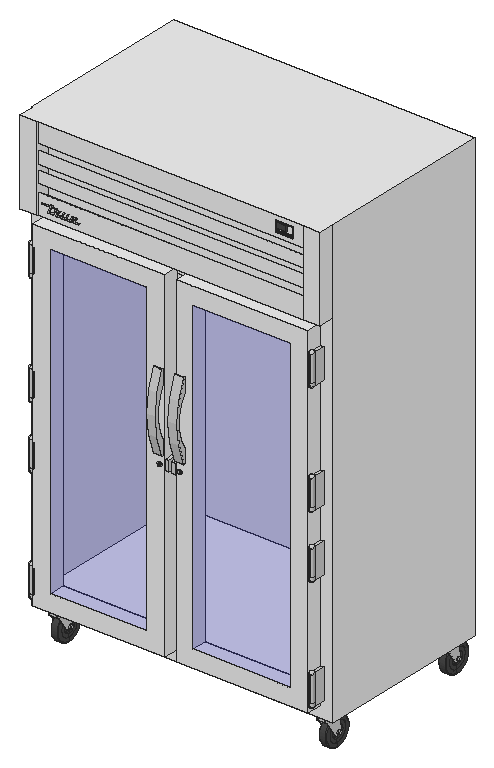
Revit family
Parameters
  Weight in Pounds = 0
  Watts = 3000 W
  Volts = 208 V
  URL Cutsheet = "www.truemfg.com"
  URL = "www.truemfg.com"
  Type Mark [instance] = ""
  Type Comments = ""
  Status [instance] = ""
  Specification by User [instance] = ""
  Specification by Manufacturer = ""
  Show Seismic Flanged [instance] = no
  Show Logo [instance] = yes
  Show Legs [instance] = no
  Show Clearance [instance] = yes
  Serial Number = ""
  Seismic Rating = ""
  Seismic Plate [instance] = and(Show Seismic Flanged, not(Show Casters))  # no
  SMACNA No = ""
  Revision Code [instance] = ""
  Phase = 1
  Omniclass Number and Title = ""
  Number of Poles [instance] = 1
  NAFEM Spec ID Number = ""
  Model = "STA2H-2G"
  Min Ckt Ampacity = 0 A
  Max Overcurrent Protection = 0 A
  Masterspec = ""
  Manufacturer = "TRUE FOOD SERVICE EQUIPMENT, INC."
  Length = 52 5/8"
  Legs [instance] = or(Show Legs, Show Seismic Flanged)  # no
  Item Number [instance] = ""
  Installed By [instance] = ""
  Identify Quantity as Lot [instance] = yes
  Height = 77 3/4"
  HP = ""
  Furnished By [instance] = ""
  Foodservice Equipment Identifier [instance] = yes
  FL Amps = Watts / Volts  # 14.4231 A
  Electrical Remarks [instance] = ""
  Electric Connection Type [instance] = ""
  Elec Conn RI Height [instance] = 0"
  Elec Conn Connection Height [instance] = 0"
  Description = "Reach-in Glass Swing Door Heated Cabinet"
  Depth = 33 3/4"
  Cycle = 60 Hz
  Conn Plug = "6-15P"
  Conn Conduit = yes
  Show Casters [instance] = and(not(if(Show Legs, Show Legs, Show Legs)), not(if(Show Legs, Show Legs, Show Seismic Flanged)))  # yes
  CSI MasterFormat = ""
  CSI Master Format = ""
  Apparent Power = if(Phase = 3, Volts * FL Amps * 1.73, Volts * FL Amps)  # 3000 VA
Reference planes (in)
  plane 1 "BACK": y = 0
  plane 2: z = 0
  plane 3 "LEFT": x = 0
  plane 4 "RIGHT": x = 52.625
  plane 5 "FRONT": y = -33.75
  plane 6 "TOP": z = 84.125
  plane 7: z = 6.125
  plane 8: x = 26.3125
  plane 9: x = 3
  plane 10: x = 49.9375
  plane 11: y = -33.7042
  plane 12: x = 26.3125
Forms (in)
  Extrusion 1, solid, material "QF_Finishes_Chrome - Satin"
    sketch origin (0.05, 0, 0) x (1, 0, 0) y (0, 1, 0)
      loop
        line (-0.05, 0) -> (-0.05, -31) -> (2.35625, -31) -> (2.35625, 0) -> (-0.05, 0)
    from 6.125 to 84.125
  Extrusion 2, solid, material "QF_Finishes_Chrome - Satin"
    sketch origin (49.99375, 0, 0) x (1, 0, 0) y (0, 1, 0)
      loop
        line (0.225, 0) -> (0.225, -31) -> (2.63125, -31) -> (2.63125, 0) -> (0.225, 0)
    from 6.125 to 84.125
  Extrusion 3, solid, material "QF_Finishes_Chrome - Satin"
    sketch origin (0, 0, 0) x (0, 1, 0) y (0, 0, 1)
      loop
        line (-33.7042, 69.5) -> (-31, 69.5) -> (-31, 66.96875) -> (-2, 66.96875) -> (-2, 9.98627) -> (-31, 9.98627) -> (-31, 6.125) -> (0, 6.125) -> (0, 84.125) -> (-33.7042, 84.125) -> (-33.7042, 80.78078) -> (-31.5, 79.21352) -> (-31.5, 78.09125) -> (-33.7042, 79.65851) -> (-33.7042, 77.5248) -> (-31.5, 75.95754) -> (-31.5, 74.99678) -> (-33.7042, 76.56404) -> (-33.7042, 74.46784) -> (-31.5, 72.90057) -> (-31.5, 71.625) -> (-33.7042, 73.19226) -> (-33.7042, 69.5)
    from 2.25 to 50.21875
  Extrusion 4, solid, material "QF_Finishes_Chrome - Satin"
    sketch origin (0, 0, 0) x (1, 0, 0) y (0, 1, 0)
      loop
        line (52.54687, -31) -> (49.66032, -31) -> (49.66032, -33.75) -> (52.54687, -33.75) -> (52.54687, -31)
    from 69.5 to 84.125
  Extrusion 5, solid, material "QF_Finishes_Chrome - Satin"
    sketch origin (-50.125, 0, 0.25) x (1, 0, 0) y (0, 1, 0)
      loop
        line (53.20984, -31) -> (50.20312, -31) -> (50.20312, -33.75) -> (53.20984, -33.75) -> (53.20984, -31)
    from 69.25 to 83.875
  Extrusion 6, solid, material "QF_Finishes_Chrome - Satin"
    sketch origin (0, 0, -0.71875) x (1, 0, 0) y (0, 0, 1)
      loop
        line (2.40625, 68.6875) -> (2.40625, 8.75) -> (25.34375, 8.75) -> (25.34375, 68.6875) -> (2.40625, 68.6875)
      loop
        line (50.375, 68.6875) -> (27.4375, 68.6875) -> (27.4375, 8.75) -> (50.375, 8.75) -> (50.375, 68.6875)
      loop
        line (5.40625, 65.6875) -> (5.40625, 11.75) -> (22.34375, 11.75) -> (22.34375, 65.6875) -> (5.40625, 65.6875)
      loop
        line (30.25, 65.6875) -> (30.25, 11.75) -> (47.375, 11.75) -> (47.375, 65.6875) -> (30.25, 65.6875)
    from 31 to 33.75
  Extrusion 7, solid, material "QF_Finishes_Handrails and Railings"
    sketch origin (1.75, 0, -2) x (1, 0, 0) y (0, 0, 1)
      loop
        circle (22.76563, 40.0625) r 0.35
      loop
        line (22.73047, 40.33635) -> (22.73047, 39.76895) -> (22.78597, 39.76895) -> (22.78597, 40.33635) -> (22.73047, 40.33635)
      loop
        circle (26.3125, 40.0625) r 0.35
      loop
        line (26.34765, 40.33635) -> (26.29215, 40.33635) -> (26.29215, 39.76895) -> (26.34765, 39.76895) -> (26.34765, 40.33635)
    from 33.5 to 33.83066
  Extrusion 8, solid, material "QF_Finishes_Handrails and Railings", visible <- "Show Logo"
    sketch origin (0.33478, 1.08173, -6.73143) x (1, 0, 0) y (0, 0, 1)
      loop
        line (3.61669, 78.46231) -> (3.51103, 78.23573) -> (4.91652, 78.23573)
        arc (4.91652, 78.23573) -> (4.94504, 78.18528) -> (4.91652, 78.13484) r 0.05887
        line (4.91652, 78.13484) -> (4.54994, 77.34872)
        arc (4.54994, 77.34872) -> (4.54676, 77.27591) -> (4.596, 77.22217) r 0.09523
        line (4.596, 77.22217) -> (5.49469, 77.22217)
        arc (5.49469, 77.22217) -> (5.60817, 77.25795) -> (5.68061, 77.35235) r 0.19785
        line (5.68061, 77.35235) -> (5.9691, 77.97101) -> (6.23415, 77.97101)
        arc (6.23415, 77.97101) -> (6.30369, 77.94543) -> (6.29362, 77.87203) r 0.05911
        line (6.29362, 77.87203) -> (6.05223, 77.35437)
        arc (6.05223, 77.35437) -> (6.05599, 77.2684) -> (6.12856, 77.22217) r 0.09318
        line (6.12856, 77.22217) -> (6.91823, 77.22217)
        arc (6.91823, 77.22217) -> (6.97874, 77.24419) -> (7.01093, 77.29995) r 0.09412
        arc (7.01093, 77.29995) -> (7.03371, 77.24495) -> (7.08871, 77.22217) r 0.07778
        line (7.08871, 77.22217) -> (7.58871, 77.22217)
        arc (7.58871, 77.22217) -> (7.64647, 77.23765) -> (7.68876, 77.27993) r 0.11552
        arc (7.68876, 77.27993) -> (7.709, 77.23106) -> (7.75787, 77.21081) r 0.06912
        line (7.75787, 77.21081) -> (8.4685, 77.21081)
        arc (8.4685, 77.21081) -> (8.52659, 77.23488) -> (8.55066, 77.29297) r 0.08216
        arc (8.55066, 77.29297) -> (8.60392, 77.23972) -> (8.67667, 77.22022) r 0.14551
        line (8.67667, 77.22022) -> (10.00783, 77.22022) -> (10.15571, 77.47634) -> (8.81303, 77.47634)
        arc (8.81303, 77.47634) -> (8.77597, 77.50204) -> (8.77459, 77.54711) r 0.05009
        line (8.77459, 77.54711) -> (8.79782, 77.59692)
        arc (8.79782, 77.59692) -> (8.83348, 77.64364) -> (8.88952, 77.66135) r 0.09747
        line (8.88952, 77.66135) -> (9.3211, 77.66135)
        arc (9.3211, 77.66135) -> (9.41425, 77.68631) -> (9.48244, 77.7545) r 0.1863
        line (9.48244, 77.7545) -> (9.60744, 77.97101)
        arc (9.60744, 77.97101) -> (9.60744, 78.08657) -> (9.50736, 78.14434) r 0.11556
        line (9.50736, 78.14434) -> (9.05187, 78.14434)
        arc (9.05187, 78.14434) -> (8.93575, 78.12462) -> (8.85474, 78.03912) r 0.18605
        line (8.85474, 78.03912) -> (8.63829, 77.57493)
        arc (8.63829, 77.57493) -> (8.5744, 77.49167) -> (8.47431, 77.46011) r 0.1745
        line (8.47431, 77.46011) -> (8.00184, 77.46011)
        arc (8.00184, 77.46011) -> (7.94528, 77.52184) -> (7.94893, 77.60548) r 0.10939
        line (7.94893, 77.60548) -> (8.2002, 78.14434) -> (8.04028, 78.14434) -> (7.77406, 77.57344)
        arc (7.77406, 77.57344) -> (7.72234, 77.50603) -> (7.6413, 77.48048) r 0.14128
        line (7.6413, 77.48048) -> (7.3155, 77.48048)
        arc (7.3155, 77.48048) -> (7.26044, 77.55223) -> (7.27225, 77.64189) r 0.11816
        line (7.27225, 77.64189) -> (7.50655, 78.14434) -> (7.34139, 78.14434) -> (7.07171, 77.566)
        arc (7.07171, 77.566) -> (7.0091, 77.50339) -> (6.92358, 77.48048) r 0.17104
        line (6.92358, 77.48048) -> (6.4518, 77.48048)
        arc (6.4518, 77.48048) -> (6.36707, 77.51999) -> (6.35892, 77.61313) r 0.0935
        line (6.35892, 77.61313) -> (6.51399, 77.94569) -> (6.7332, 77.94569)
        arc (6.7332, 77.94569) -> (6.7702, 78.05717) -> (6.84892, 78.14434) r 0.2857
        line (6.84892, 78.14434) -> (5.9923, 78.14434)
        arc (5.9923, 78.14434) -> (5.89711, 78.12324) -> (5.83123, 78.05135) r 0.16212
        line (5.83123, 78.05135) -> (5.59904, 77.55341)
        arc (5.59904, 77.55341) -> (5.54565, 77.50002) -> (5.47272, 77.48048) r 0.14586
        line (5.47272, 77.48048) -> (4.96131, 77.48048)
        arc (4.96131, 77.48048) -> (4.92139, 77.53442) -> (4.92899, 77.60109) r 0.09155
        line (4.92899, 77.60109) -> (5.26643, 78.23573) -> (6.1178, 78.23573) -> (6.22346, 78.46231) -> (5.37209, 78.46231) -> (5.47774, 78.68888) -> (5.17487, 78.68888) -> (5.06922, 78.46231) -> (3.61669, 78.46231)
      loop
        arc (8.9943, 77.93863) -> (8.95744, 77.92875) -> (8.93045, 77.90176) r 0.07373
        line (8.93045, 77.90176) -> (8.90854, 77.83436)
        arc (8.90854, 77.83436) -> (8.9187, 77.80983) -> (8.94324, 77.79966) r 0.0347
        line (8.94324, 77.79966) -> (9.31573, 77.79966)
        arc (9.31573, 77.79966) -> (9.34257, 77.80561) -> (9.36437, 77.82234) r 0.0635
        line (9.36437, 77.82234) -> (9.38249, 77.90622)
        arc (9.38249, 77.90622) -> (9.37716, 77.92868) -> (9.35634, 77.93863) r 0.02676
        line (9.35634, 77.93863) -> (8.9943, 77.93863)
    from 34.76797 to 34.83173
  Extrusion 9, solid
    sketch origin (0, 0, 0) x (1, 0, 0) y (0, 0, 1)
      loop
        circle (49.53125, 82) r 0.25
    from 0 to 0.0625
  Extrusion 10, solid, material "QF_Finishes_Handrails and Railings"
    sketch origin (36.00593, -0.25, 93.43167) x (0, 1, 0) y (0, 0, -1)
      loop
        line (-33.5, 53.875) -> (-33.7, 53.875)
        arc (-33.7, 53.875) -> (-35.14405, 47.075) -> (-33.7, 40.275) r 16.7325
        line (-33.7, 40.275) -> (-33.5, 40.275) -> (-33.5, 42.675)
        arc (-33.5, 42.675) -> (-34.65816, 47.075) -> (-33.5, 51.475) r 8.93715
        line (-33.5, 51.475) -> (-33.5, 53.875)
    from 10.87731 to 12.37731
  Blend 11, solid, material "QF_Finishes_Handrails and Railings"
    base sketch origin (-0.03125, 0, 0) x (1, 0, 0) y (0, 0, 1)
      loop
        line (25.32813, 38.99169) -> (25.32813, 37.24169) -> (26.07813, 37.24169) -> (26.07813, 38.99169) -> (25.32813, 38.99169)
    top sketch origin (-0.03125, 0, 0) x (1, 0, 0) y (0, 0, 1)
      loop
        line (26.26036, 36.6441) -> (26.26036, 39.42643) -> (25.32813, 39.42643) -> (25.32813, 36.6441) -> (26.26036, 36.6441)
    from 33.57883 to 31
  Blend 12, solid, material "QF_Finishes_Handrails and Railings"
    base sketch origin (52.5, 0, 0) x (-1, 0, 0) y (0, 0, -1)
      loop
        line (25.25, -38.99169) -> (26, -38.99169) -> (26, -37.24169) -> (25.25, -37.24169) -> (25.25, -38.99169)
    top sketch origin (52.5, 0, 0) x (-1, 0, 0) y (0, 0, -1)
      loop
        line (26.18223, -36.6441) -> (25.25, -36.6441) -> (25.25, -39.42643) -> (26.18223, -39.42643) -> (26.18223, -36.6441)
    from 33.57883 to 31
  Extrusion 13, solid, material "QF_Finishes_Handrails and Railings"
    sketch origin (1.28125, 0, 0) x (0, 1, 0) y (0, 0, 1)
      loop
        line (-31, 64.55229) -> (-32.61044, 64.55229)
        arc (-32.61044, 64.55229) -> (-32.75506, 64.49238) -> (-32.81497, 64.34776) r 0.20453
        line (-32.81497, 64.34776) -> (-32.81497, 59.94848) -> (-33.25, 59.94848) -> (-33.25, 59.23627) -> (-31, 59.23627) -> (-31, 64.55229)
    from 0.17506 to 1
  Revolve 14, solid, material "QF_Finishes_Handrails and Railings"
    sketch origin (1.78125, 0, 0) x (0, 1, 0) y (0, 0, 1)
      loop
        line (-33.26563, 60.00189) -> (-33.26563, 64.81483)
        arc (-33.26563, 64.81483) -> (-33.53722, 64.72557) -> (-33.67229, 64.4736) r 0.3848
        line (-33.67229, 64.4736) -> (-33.67229, 60.00189) -> (-33.26563, 60.00189)
      loop
        line (-33.26563, 59.94848) -> (-33.67229, 59.94848) -> (-33.67229, 59.37712)
        arc (-33.67229, 59.37712) -> (-33.53264, 59.13383) -> (-33.26563, 59.04781) r 0.38884
        line (-33.26563, 59.04781) -> (-33.26563, 59.94848)
      axis (-33.26563, 59.04781) -> (-33.26563, 64.81483)
    angle from 0 to 360
  Extrusion 15, solid, material "QF_Finishes_Handrails and Railings"
    sketch origin (-0.03125, 0, 0) x (1, 0, 0) y (0, 0, 1)
      loop
        line (2.07116, 64.4736) -> (2.07116, 60.00079) -> (2.46875, 60.00079) -> (2.46875, 64.4736) -> (2.07116, 64.4736)
    from 32.81497 to 33.59495
  Extrusion 16, solid, material "QF_Finishes_Handrails and Railings"
    sketch origin (1.28125, 0, -19.5) x (0, 1, 0) y (0, 0, 1)
      loop
        line (-31, 64.55229) -> (-32.61044, 64.55229)
        arc (-32.61044, 64.55229) -> (-32.75506, 64.49238) -> (-32.81497, 64.34776) r 0.20453
        line (-32.81497, 64.34776) -> (-32.81497, 59.94848) -> (-33.25, 59.94848) -> (-33.25, 59.23627) -> (-31, 59.23627) -> (-31, 64.55229)
    from 0.17506 to 1
  Revolve 17, solid, material "QF_Finishes_Handrails and Railings"
    sketch origin (1.78125, 0, -19.5) x (0, 1, 0) y (0, 0, 1)
      loop
        line (-33.26563, 60.00189) -> (-33.26563, 64.81483)
        arc (-33.26563, 64.81483) -> (-33.53722, 64.72557) -> (-33.67229, 64.4736) r 0.3848
        line (-33.67229, 64.4736) -> (-33.67229, 60.00189) -> (-33.26563, 60.00189)
      loop
        line (-33.26563, 59.94848) -> (-33.67229, 59.94848) -> (-33.67229, 59.37712)
        arc (-33.67229, 59.37712) -> (-33.53264, 59.13383) -> (-33.26563, 59.04781) r 0.38884
        line (-33.26563, 59.04781) -> (-33.26563, 59.94848)
      axis (-33.26563, 59.04781) -> (-33.26563, 64.81483)
    angle from 0 to 360
  Extrusion 18, solid, material "QF_Finishes_Handrails and Railings"
    sketch origin (-0.03125, 0, -19.5) x (1, 0, 0) y (0, 0, 1)
      loop
        line (2.07116, 64.4736) -> (2.07116, 60.00079) -> (2.46875, 60.00079) -> (2.46875, 64.4736) -> (2.07116, 64.4736)
    from 32.81497 to 33.59495
  Extrusion 19, solid, material "QF_Finishes_Handrails and Railings"
    sketch origin (1.28125, 0, -30.5) x (0, 1, 0) y (0, 0, 1)
      loop
        line (-31, 64.55229) -> (-32.61044, 64.55229)
        arc (-32.61044, 64.55229) -> (-32.75506, 64.49238) -> (-32.81497, 64.34776) r 0.20453
        line (-32.81497, 64.34776) -> (-32.81497, 59.94848) -> (-33.25, 59.94848) -> (-33.25, 59.23627) -> (-31, 59.23627) -> (-31, 64.55229)
    from 0.17506 to 1
  Revolve 20, solid, material "QF_Finishes_Handrails and Railings"
    sketch origin (1.78125, 0, -30.5) x (0, 1, 0) y (0, 0, 1)
      loop
        line (-33.26563, 60.00189) -> (-33.26563, 64.81483)
        arc (-33.26563, 64.81483) -> (-33.53722, 64.72557) -> (-33.67229, 64.4736) r 0.3848
        line (-33.67229, 64.4736) -> (-33.67229, 60.00189) -> (-33.26563, 60.00189)
      loop
        line (-33.26563, 59.94848) -> (-33.67229, 59.94848) -> (-33.67229, 59.37712)
        arc (-33.67229, 59.37712) -> (-33.53264, 59.13383) -> (-33.26563, 59.04781) r 0.38884
        line (-33.26563, 59.04781) -> (-33.26563, 59.94848)
      axis (-33.26563, 59.04781) -> (-33.26563, 64.81483)
    angle from 0 to 360
  Extrusion 21, solid, material "QF_Finishes_Handrails and Railings"
    sketch origin (-0.03125, 0, -30.5) x (1, 0, 0) y (0, 0, 1)
      loop
        line (2.07116, 64.4736) -> (2.07116, 60.00079) -> (2.46875, 60.00079) -> (2.46875, 64.4736) -> (2.07116, 64.4736)
    from 32.81497 to 33.59495
  Extrusion 22, solid, material "QF_Finishes_Handrails and Railings"
    sketch origin (1.28125, 0, -50.25) x (0, 1, 0) y (0, 0, 1)
      loop
        line (-31, 64.55229) -> (-32.61044, 64.55229)
        arc (-32.61044, 64.55229) -> (-32.75506, 64.49238) -> (-32.81497, 64.34776) r 0.20453
        line (-32.81497, 64.34776) -> (-32.81497, 59.94848) -> (-33.25, 59.94848) -> (-33.25, 59.23627) -> (-31, 59.23627) -> (-31, 64.55229)
    from 0.17506 to 1
  Revolve 23, solid, material "QF_Finishes_Handrails and Railings"
    sketch origin (1.78125, 0, -50.25) x (0, 1, 0) y (0, 0, 1)
      loop
        line (-33.26563, 60.00189) -> (-33.26563, 64.81483)
        arc (-33.26563, 64.81483) -> (-33.53722, 64.72557) -> (-33.67229, 64.4736) r 0.3848
        line (-33.67229, 64.4736) -> (-33.67229, 60.00189) -> (-33.26563, 60.00189)
      loop
        line (-33.26563, 59.94848) -> (-33.67229, 59.94848) -> (-33.67229, 59.37712)
        arc (-33.67229, 59.37712) -> (-33.53264, 59.13383) -> (-33.26563, 59.04781) r 0.38884
        line (-33.26563, 59.04781) -> (-33.26563, 59.94848)
      axis (-33.26563, 59.04781) -> (-33.26563, 64.81483)
    angle from 0 to 360
  Extrusion 24, solid, material "QF_Finishes_Handrails and Railings"
    sketch origin (-0.03125, 0, -50.25) x (1, 0, 0) y (0, 0, 1)
      loop
        line (2.07116, 64.4736) -> (2.07116, 60.00079) -> (2.46875, 60.00079) -> (2.46875, 64.4736) -> (2.07116, 64.4736)
    from 32.81497 to 33.59495
  Extrusion 25, solid, material "QF_Finishes_Handrails and Railings"
    sketch origin (51.1875, 0, 0) x (0, 1, 0) y (0, 0, -1)
      loop
        line (-31, -64.55229) -> (-31, -59.23627) -> (-33.25, -59.23627) -> (-33.25, -59.94848) -> (-32.81497, -59.94848) -> (-32.81497, -64.34776)
        arc (-32.81497, -64.34776) -> (-32.75506, -64.49238) -> (-32.61044, -64.55229) r 0.20453
        line (-32.61044, -64.55229) -> (-31, -64.55229)
    from 0.17506 to 1
  Revolve 26, solid, material "QF_Finishes_Handrails and Railings"
    sketch origin (50.6875, 0, 0) x (0, 1, 0) y (0, 0, -1)
      loop
        line (-33.26563, -60.00189) -> (-33.67229, -60.00189) -> (-33.67229, -64.4736)
        arc (-33.67229, -64.4736) -> (-33.53722, -64.72557) -> (-33.26563, -64.81483) r 0.3848
        line (-33.26563, -64.81483) -> (-33.26563, -60.00189)
      loop
        line (-33.26563, -59.94848) -> (-33.26563, -59.04781)
        arc (-33.26563, -59.04781) -> (-33.53264, -59.13383) -> (-33.67229, -59.37712) r 0.38884
        line (-33.67229, -59.37712) -> (-33.67229, -59.94848) -> (-33.26563, -59.94848)
      axis (-33.26563, -59.04781) -> (-33.26563, -64.81483)
    angle from 0 to 360
  Extrusion 27, solid, material "QF_Finishes_Handrails and Railings"
    sketch origin (52.5, 0, 0) x (-1, 0, 0) y (0, 0, -1)
      loop
        line (1.75866, -64.4736) -> (2.15625, -64.4736) -> (2.15625, -60.00079) -> (1.75866, -60.00079) -> (1.75866, -64.4736)
    from 32.81497 to 33.59495
  Extrusion 28, solid, material "QF_Finishes_Handrails and Railings"
    sketch origin (51.1875, 0, -19.5) x (0, 1, 0) y (0, 0, -1)
      loop
        line (-31, -64.55229) -> (-31, -59.23627) -> (-33.25, -59.23627) -> (-33.25, -59.94848) -> (-32.81497, -59.94848) -> (-32.81497, -64.34776)
        arc (-32.81497, -64.34776) -> (-32.75506, -64.49238) -> (-32.61044, -64.55229) r 0.20453
        line (-32.61044, -64.55229) -> (-31, -64.55229)
    from 0.17506 to 1
  Revolve 29, solid, material "QF_Finishes_Handrails and Railings"
    sketch origin (50.6875, 0, -19.5) x (0, 1, 0) y (0, 0, -1)
      loop
        line (-33.26563, -60.00189) -> (-33.67229, -60.00189) -> (-33.67229, -64.4736)
        arc (-33.67229, -64.4736) -> (-33.53722, -64.72557) -> (-33.26563, -64.81483) r 0.3848
        line (-33.26563, -64.81483) -> (-33.26563, -60.00189)
      loop
        line (-33.26563, -59.94848) -> (-33.26563, -59.04781)
        arc (-33.26563, -59.04781) -> (-33.53264, -59.13383) -> (-33.67229, -59.37712) r 0.38884
        line (-33.67229, -59.37712) -> (-33.67229, -59.94848) -> (-33.26563, -59.94848)
      axis (-33.26563, -59.04781) -> (-33.26563, -64.81483)
    angle from 0 to 360
  Extrusion 30, solid, material "QF_Finishes_Handrails and Railings"
    sketch origin (52.5, 0, -19.5) x (-1, 0, 0) y (0, 0, -1)
      loop
        line (1.75866, -64.4736) -> (2.15625, -64.4736) -> (2.15625, -60.00079) -> (1.75866, -60.00079) -> (1.75866, -64.4736)
    from 32.81497 to 33.59495
  Extrusion 31, solid, material "QF_Finishes_Handrails and Railings"
    sketch origin (51.1875, 0, -30.5) x (0, 1, 0) y (0, 0, -1)
      loop
        line (-31, -64.55229) -> (-31, -59.23627) -> (-33.25, -59.23627) -> (-33.25, -59.94848) -> (-32.81497, -59.94848) -> (-32.81497, -64.34776)
        arc (-32.81497, -64.34776) -> (-32.75506, -64.49238) -> (-32.61044, -64.55229) r 0.20453
        line (-32.61044, -64.55229) -> (-31, -64.55229)
    from 0.17506 to 1
  Revolve 32, solid, material "QF_Finishes_Handrails and Railings"
    sketch origin (50.6875, 0, -30.5) x (0, 1, 0) y (0, 0, -1)
      loop
        line (-33.26563, -60.00189) -> (-33.67229, -60.00189) -> (-33.67229, -64.4736)
        arc (-33.67229, -64.4736) -> (-33.53722, -64.72557) -> (-33.26563, -64.81483) r 0.3848
        line (-33.26563, -64.81483) -> (-33.26563, -60.00189)
      loop
        line (-33.26563, -59.94848) -> (-33.26563, -59.04781)
        arc (-33.26563, -59.04781) -> (-33.53264, -59.13383) -> (-33.67229, -59.37712) r 0.38884
        line (-33.67229, -59.37712) -> (-33.67229, -59.94848) -> (-33.26563, -59.94848)
      axis (-33.26563, -59.04781) -> (-33.26563, -64.81483)
    angle from 0 to 360
  Extrusion 33, solid, material "QF_Finishes_Handrails and Railings"
    sketch origin (52.5, 0, -30.5) x (-1, 0, 0) y (0, 0, -1)
      loop
        line (1.75866, -64.4736) -> (2.15625, -64.4736) -> (2.15625, -60.00079) -> (1.75866, -60.00079) -> (1.75866, -64.4736)
    from 32.81497 to 33.59495
  Extrusion 34, solid, material "QF_Finishes_Handrails and Railings"
    sketch origin (51.1875, 0, -50.25) x (0, 1, 0) y (0, 0, -1)
      loop
        line (-31, -64.55229) -> (-31, -59.23627) -> (-33.25, -59.23627) -> (-33.25, -59.94848) -> (-32.81497, -59.94848) -> (-32.81497, -64.34776)
        arc (-32.81497, -64.34776) -> (-32.75506, -64.49238) -> (-32.61044, -64.55229) r 0.20453
        line (-32.61044, -64.55229) -> (-31, -64.55229)
    from 0.17506 to 1
  Revolve 35, solid, material "QF_Finishes_Handrails and Railings"
    sketch origin (50.6875, 0, -50.25) x (0, 1, 0) y (0, 0, -1)
      loop
        line (-33.26563, -60.00189) -> (-33.67229, -60.00189) -> (-33.67229, -64.4736)
        arc (-33.67229, -64.4736) -> (-33.53722, -64.72557) -> (-33.26563, -64.81483) r 0.3848
        line (-33.26563, -64.81483) -> (-33.26563, -60.00189)
      loop
        line (-33.26563, -59.94848) -> (-33.26563, -59.04781)
        arc (-33.26563, -59.04781) -> (-33.53264, -59.13383) -> (-33.67229, -59.37712) r 0.38884
        line (-33.67229, -59.37712) -> (-33.67229, -59.94848) -> (-33.26563, -59.94848)
      axis (-33.26563, -59.04781) -> (-33.26563, -64.81483)
    angle from 0 to 360
  Extrusion 36, solid, material "QF_Finishes_Handrails and Railings"
    sketch origin (52.5, 0, -50.25) x (-1, 0, 0) y (0, 0, -1)
      loop
        line (1.75866, -64.4736) -> (2.15625, -64.4736) -> (2.15625, -60.00079) -> (1.75866, -60.00079) -> (1.75866, -64.4736)
    from 32.81497 to 33.59495
  Revolve 37, solid, material "QF_Finishes_Black", visible <- "Show Casters"
    sketch origin (47.78125, -27.375, 0) x (1, 0, 0) y (0, 0, 1)
      loop
        line (1.63125, 5) -> (1.53125, 4.9) -> (1.53125, 4.29941) -> (1.69226, 4.29941) -> (1.69226, 3.54941) -> (1.53125, 3.54941) -> (1.53125, 2.79941) -> (1.13125, 2.79941) -> (1.13125, 2.5) -> (3.18125, 2.5) -> (3.18125, 2.79941) -> (2.78533, 2.79941) -> (2.78533, 3.54941) -> (2.62024, 3.54941) -> (2.62024, 4.29941) -> (2.78533, 4.29941) -> (2.78533, 4.89592) -> (2.68125, 5) -> (1.63125, 5)
      axis (3.18125, 2.5) -> (1.13125, 2.5)
    angle from 0 to 360
  Extrusion 38, solid, material "QF_Finishes_Handrails and Railings", visible <- "Show Casters"
    sketch origin (47.78125, 0, 0) x (0, 1, 0) y (0, 0, 1)
      loop
        line (-29.95136, 5.48574) -> (-29.95136, 4.88089) -> (-29.70136, 4.88089) -> (-27.95216, 2.18736)
        arc (-27.95216, 2.18736) -> (-27.23883, 1.94868) -> (-26.84581, 2.59003) r 0.60416
        line (-26.84581, 2.59003) -> (-27.20136, 5.48574) -> (-29.95136, 5.48574)
      loop
        line (-3.8577, 5.48574) -> (-3.8577, 4.88089) -> (-3.6077, 4.88089) -> (-1.8585, 2.18736)
        arc (-1.8585, 2.18736) -> (-1.14517, 1.94868) -> (-0.75215, 2.59003) r 0.60416
        line (-0.75215, 2.59003) -> (-1.1077, 5.48574) -> (-3.8577, 5.48574)
    from 1.175 to 1.325
  Extrusion 39, solid, material "QF_Finishes_Handrails and Railings", visible <- "Show Casters"
    sketch origin (49.28125, 0, 0) x (0, 1, 0) y (0, 0, 1)
      loop
        line (-29.95136, 5.48574) -> (-29.95136, 4.88089) -> (-29.70136, 4.88089) -> (-27.95216, 2.18736)
        arc (-27.95216, 2.18736) -> (-27.23883, 1.94868) -> (-26.84581, 2.59003) r 0.60416
        line (-26.84581, 2.59003) -> (-27.20136, 5.48574) -> (-29.95136, 5.48574)
      loop
        line (-3.8577, 5.48574) -> (-3.8577, 4.88089) -> (-3.6077, 4.88089) -> (-1.8585, 2.18736)
        arc (-1.8585, 2.18736) -> (-1.14517, 1.94868) -> (-0.75215, 2.59003) r 0.60416
        line (-0.75215, 2.59003) -> (-1.1077, 5.48574) -> (-3.8577, 5.48574)
    from 1.175 to 1.325
  Revolve 40, solid, material "QF_Finishes_Chrome - Satin", visible <- "Show Casters"
    sketch origin (47.78125, -28.5625, -0.5) x (1, 0, 0) y (0, 0, 1)
      loop
        line (2.15625, 5.99546) -> (2.15625, 6.62359) -> (0.85918, 6.62359) -> (0.85918, 5.99546) -> (2.15625, 5.99546)
      axis (2.15625, 5.99546) -> (2.15625, 6.62359)
    angle from 0 to 360
  Revolve 41, solid, material "QF_Finishes_Chrome - Satin", visible <- "Legs"
    sketch origin (47.78125, -2.69102, 0) x (1, 0, 0) y (0, 0, 1)
      loop
        line (2.15625, 6.125) -> (0.82287, 6.125) -> (1.40625, 1) -> (1.65625, 1) -> (1.65625, 0) -> (2.15625, 0) -> (2.15625, 6.125)
      axis (2.15625, 0) -> (2.15625, 6.125)
    angle from 0 to 360
  Revolve 42, solid, material "QF_Finishes_Chrome - Satin", visible <- "Legs"
    sketch origin (47.78125, -28.65977, 0) x (1, 0, 0) y (0, 0, 1)
      loop
        line (2.15625, 6.125) -> (0.82287, 6.125) -> (1.40625, 1) -> (1.65625, 1) -> (1.65625, 0) -> (2.15625, 0) -> (2.15625, 6.125)
      axis (2.15625, 0) -> (2.15625, 6.125)
    angle from 0 to 360
  Revolve 43, solid, material "QF_Finishes_Chrome - Satin", visible <- "Show Casters"
    sketch origin (47.78125, -2.70321, -0.5) x (1, 0, 0) y (0, 0, 1)
      loop
        line (2.15625, 5.99546) -> (2.15625, 6.62359) -> (0.85918, 6.62359) -> (0.85918, 5.99546) -> (2.15625, 5.99546)
      axis (2.15625, 5.99546) -> (2.15625, 6.62359)
    angle from 0 to 360
  Extrusion 44, solid, material "QF_Finishes_Handrails and Railings", visible <- "Show Casters"
    sketch origin (0, 0, 0) x (0, 1, 0) y (0, 0, 1)
      loop
        line (-29.95136, 5.48574) -> (-29.95136, 4.88089) -> (-29.70136, 4.88089) -> (-27.16533, 5.19227) -> (-27.20136, 5.48574) -> (-29.95136, 5.48574)
      loop
        line (-3.8577, 5.48574) -> (-3.8577, 4.88089) -> (-3.6077, 4.88089) -> (-1.07167, 5.19227) -> (-1.1077, 5.48574) -> (-3.8577, 5.48574)
    from 49.10625 to 50.45625
  Revolve 45, solid, material "QF_Finishes_Black", visible <- "Show Casters"
    sketch origin (47.78125, -1.21875, 0) x (1, 0, 0) y (0, 0, 1)
      loop
        line (1.63125, 5) -> (1.53125, 4.9) -> (1.53125, 4.29941) -> (1.69226, 4.29941) -> (1.69226, 3.54941) -> (1.53125, 3.54941) -> (1.53125, 2.79941) -> (1.13125, 2.79941) -> (1.13125, 2.5) -> (3.18125, 2.5) -> (3.18125, 2.79941) -> (2.78533, 2.79941) -> (2.78533, 3.54941) -> (2.62024, 3.54941) -> (2.62024, 4.29941) -> (2.78533, 4.29941) -> (2.78533, 4.89592) -> (2.68125, 5) -> (1.63125, 5)
      axis (3.18125, 2.5) -> (1.13125, 2.5)
    angle from 0 to 360
  Revolve 46, solid, material "QF_Finishes_Black", visible <- "Show Casters"
    sketch origin (0.84375, -27.375, 0) x (1, 0, 0) y (0, 0, 1)
      loop
        line (1.63125, 5) -> (1.53125, 4.9) -> (1.53125, 4.29941) -> (1.69226, 4.29941) -> (1.69226, 3.54941) -> (1.53125, 3.54941) -> (1.53125, 2.79941) -> (0.975, 2.79941) -> (0.975, 2.5) -> (3.18125, 2.5) -> (3.18125, 2.79941) -> (2.78533, 2.79941) -> (2.78533, 3.54941) -> (2.62024, 3.54941) -> (2.62024, 4.29941) -> (2.78533, 4.29941) -> (2.78533, 4.89592) -> (2.68125, 5) -> (1.63125, 5)
      axis (3.18125, 2.5) -> (0.975, 2.5)
    angle from 0 to 360
  Extrusion 47, solid, material "QF_Finishes_Handrails and Railings", visible <- "Show Casters"
    sketch origin (0.84375, 0, 0) x (0, 1, 0) y (0, 0, 1)
      loop
        line (-29.95136, 5.48574) -> (-29.95136, 4.88089) -> (-29.70136, 4.88089) -> (-27.95216, 2.18736)
        arc (-27.95216, 2.18736) -> (-27.23883, 1.94868) -> (-26.84581, 2.59003) r 0.60416
        line (-26.84581, 2.59003) -> (-27.20136, 5.48574) -> (-29.95136, 5.48574)
      loop
        line (-3.8577, 5.48574) -> (-3.8577, 4.88089) -> (-3.6077, 4.88089) -> (-1.8585, 2.18736)
        arc (-1.8585, 2.18736) -> (-1.14517, 1.94868) -> (-0.75215, 2.59003) r 0.60416
        line (-0.75215, 2.59003) -> (-1.1077, 5.48574) -> (-3.8577, 5.48574)
    from 1.175 to 1.325
  Extrusion 48, solid, material "QF_Finishes_Handrails and Railings", visible <- "Show Casters"
    sketch origin (2.34375, 0, 0) x (0, 1, 0) y (0, 0, 1)
      loop
        line (-29.95136, 5.48574) -> (-29.95136, 4.88089) -> (-29.70136, 4.88089) -> (-27.95216, 2.18736)
        arc (-27.95216, 2.18736) -> (-27.23883, 1.94868) -> (-26.84581, 2.59003) r 0.60416
        line (-26.84581, 2.59003) -> (-27.20136, 5.48574) -> (-29.95136, 5.48574)
      loop
        line (-3.8577, 5.48574) -> (-3.8577, 4.88089) -> (-3.6077, 4.88089) -> (-1.8585, 2.18736)
        arc (-1.8585, 2.18736) -> (-1.14517, 1.94868) -> (-0.75215, 2.59003) r 0.60416
        line (-0.75215, 2.59003) -> (-1.1077, 5.48574) -> (-3.8577, 5.48574)
    from 1.175 to 1.325
  Revolve 49, solid, material "QF_Finishes_Chrome - Satin", visible <- "Show Casters"
    sketch origin (0.84375, -28.5625, -0.5) x (1, 0, 0) y (0, 0, 1)
      loop
        line (2.15625, 5.99546) -> (2.15625, 6.62359) -> (0.85918, 6.62359) -> (0.85918, 5.99546) -> (2.15625, 5.99546)
      axis (2.15625, 5.99546) -> (2.15625, 6.62359)
    angle from 0 to 360
  Revolve 50, solid, material "QF_Finishes_Chrome - Satin", visible <- "Legs"
    sketch origin (0.84375, -2.69102, 0) x (1, 0, 0) y (0, 0, 1)
      loop
        line (2.15625, 6.125) -> (0.82287, 6.125) -> (1.40625, 1) -> (1.65625, 1) -> (1.65625, 0) -> (2.15625, 0) -> (2.15625, 6.125)
      axis (2.15625, 0) -> (2.15625, 6.125)
    angle from 0 to 360
  Revolve 51, solid, material "QF_Finishes_Chrome - Satin", visible <- "Legs"
    sketch origin (0.84375, -28.65977, 0) x (1, 0, 0) y (0, 0, 1)
      loop
        line (2.15625, 6.125) -> (0.82287, 6.125) -> (1.40625, 1) -> (1.65625, 1) -> (1.65625, 0) -> (2.15625, 0) -> (2.15625, 6.125)
      axis (2.15625, 0) -> (2.15625, 6.125)
    angle from 0 to 360
  Revolve 52, solid, material "QF_Finishes_Chrome - Satin", visible <- "Show Casters"
    sketch origin (0.84375, -2.70321, -0.5) x (1, 0, 0) y (0, 0, 1)
      loop
        line (2.15625, 5.99546) -> (2.15625, 6.62359) -> (0.85918, 6.62359) -> (0.85918, 5.99546) -> (2.15625, 5.99546)
      axis (2.15625, 5.99546) -> (2.15625, 6.62359)
    angle from 0 to 360
  Extrusion 53, solid, material "QF_Finishes_Handrails and Railings", visible <- "Show Casters"
    sketch origin (-46.9375, 0, 0) x (0, 1, 0) y (0, 0, 1)
      loop
        line (-29.95136, 5.48574) -> (-29.95136, 4.88089) -> (-29.70136, 4.88089) -> (-27.16533, 5.19227) -> (-27.20136, 5.48574) -> (-29.95136, 5.48574)
      loop
        line (-3.8577, 5.48574) -> (-3.8577, 4.88089) -> (-3.6077, 4.88089) -> (-1.07167, 5.19227) -> (-1.1077, 5.48574) -> (-3.8577, 5.48574)
    from 49.10625 to 50.45625
  Revolve 54, solid, material "QF_Finishes_Black", visible <- "Show Casters"
    sketch origin (0.84375, -1.21875, 0) x (1, 0, 0) y (0, 0, 1)
      loop
        line (1.63125, 5) -> (1.53125, 4.9) -> (1.53125, 4.29941) -> (1.69226, 4.29941) -> (1.69226, 3.54941) -> (1.53125, 3.54941) -> (1.53125, 2.79941) -> (0.975, 2.79941) -> (0.975, 2.5) -> (3.18125, 2.5) -> (3.18125, 2.79941) -> (2.78533, 2.79941) -> (2.78533, 3.54941) -> (2.62024, 3.54941) -> (2.62024, 4.29941) -> (2.78533, 4.29941) -> (2.78533, 4.89592) -> (2.68125, 5) -> (1.63125, 5)
      axis (3.18125, 2.5) -> (0.975, 2.5)
    angle from 0 to 360
  Extrusion 55, solid, material "QF_Finishes_White"
    sketch origin (1.49925, 1.06376, 1.58022) x (1, 0, 0) y (0, 0, 1)
      loop
        line (43.31732, 81.73227) -> (43.31732, 79.98496) -> (46.22357, 79.98496) -> (46.22357, 81.73227) -> (43.31732, 81.73227)
    from 34.75 to 34.76797
  Extrusion 56, solid, material "QF_Finishes_Black"
    sketch origin (1.49925, 1.06376, 1.58022) x (1, 0, 0) y (0, 0, 1)
      loop
        line (46.28607, 81.79477) -> (43.25482, 81.79477) -> (43.25482, 79.92246) -> (46.28607, 79.92246) -> (46.28607, 81.79477)
      loop
        spline (43.45482, 80.25372) -> (43.46333, 80.23754) -> (43.48831, 80.22247) -> (43.52804, 80.20952) -> (43.57982, 80.19959) -> (43.64011, 80.19335) -> (43.70482, 80.19122) -> (43.76952, 80.19335) -> (43.82982, 80.19959) -> (43.88159, 80.20952) -> (43.92132, 80.22247) -> (43.9463, 80.23754) -> (43.95482, 80.25372)
        spline (43.95482, 80.25372) -> (43.9463, 80.26989) -> (43.92132, 80.28497) -> (43.88159, 80.29791) -> (43.82982, 80.30784) -> (43.76952, 80.31409) -> (43.70482, 80.31622) -> (43.64011, 80.31409) -> (43.57982, 80.30784) -> (43.52804, 80.29791) -> (43.48831, 80.28497) -> (43.46333, 80.26989) -> (43.45482, 80.25372)
      loop
        spline (44.15083, 80.25372) -> (44.15935, 80.23754) -> (44.18432, 80.22247) -> (44.22405, 80.20952) -> (44.27583, 80.19959) -> (44.33612, 80.19335) -> (44.40083, 80.19122) -> (44.46553, 80.19335) -> (44.52583, 80.19959) -> (44.57761, 80.20952) -> (44.61734, 80.22247) -> (44.64231, 80.23754) -> (44.65083, 80.25372)
        spline (44.65083, 80.25372) -> (44.64231, 80.26989) -> (44.61734, 80.28497) -> (44.57761, 80.29791) -> (44.52583, 80.30784) -> (44.46553, 80.31409) -> (44.40083, 80.31622) -> (44.33612, 80.31409) -> (44.27583, 80.30784) -> (44.22405, 80.29791) -> (44.18432, 80.28497) -> (44.15935, 80.26989) -> (44.15083, 80.25372)
      loop
        spline (44.90083, 80.25372) -> (44.90935, 80.23754) -> (44.93432, 80.22247) -> (44.97405, 80.20952) -> (45.02583, 80.19959) -> (45.08612, 80.19335) -> (45.15083, 80.19122) -> (45.21553, 80.19335) -> (45.27583, 80.19959) -> (45.32761, 80.20952) -> (45.36734, 80.22247) -> (45.39231, 80.23754) -> (45.40083, 80.25372)
        spline (45.40083, 80.25372) -> (45.39231, 80.26989) -> (45.36734, 80.28497) -> (45.32761, 80.29791) -> (45.27583, 80.30784) -> (45.21553, 80.31409) -> (45.15083, 80.31622) -> (45.08612, 80.31409) -> (45.02583, 80.30784) -> (44.97405, 80.29791) -> (44.93432, 80.28497) -> (44.90935, 80.26989) -> (44.90083, 80.25372)
      loop
        line (43.45481, 81.59478) -> (43.45481, 80.59478) -> (45.15433, 80.59478) -> (45.15433, 81.59478) -> (43.45481, 81.59478)
      loop
        line (46.22357, 81.73227) -> (43.31732, 81.73227) -> (43.31732, 79.98496) -> (46.22357, 79.98496) -> (46.22357, 81.73227)
      loop
        spline (45.65083, 80.25372) -> (45.65935, 80.23754) -> (45.68432, 80.22247) -> (45.72405, 80.20952) -> (45.77583, 80.19959) -> (45.83612, 80.19335) -> (45.90083, 80.19122) -> (45.96553, 80.19335) -> (46.02583, 80.19959) -> (46.07761, 80.20952) -> (46.11734, 80.22247) -> (46.14231, 80.23754) -> (46.15083, 80.25372)
        spline (46.15083, 80.25372) -> (46.14231, 80.26989) -> (46.11734, 80.28497) -> (46.07761, 80.29791) -> (46.02583, 80.30784) -> (45.96553, 80.31409) -> (45.90083, 80.31622) -> (45.83612, 80.31409) -> (45.77583, 80.30784) -> (45.72405, 80.29791) -> (45.68432, 80.28497) -> (45.65935, 80.26989) -> (45.65083, 80.25372)
    from 34.76797 to 34.80335
  Extrusion 57, solid, material "QF_Finishes_Door Clearance", visible <- "Show Clearance", detail levels coarse
    sketch origin (0.66534, -3.6098, 0) x (-1, 0, 0) y (0, -1, 0)
      loop
        line (-24.63153, 30.1402) -> (-1.74091, 30.1402) -> (-1.74091, 53.03083)
        arc (-1.74091, 53.03083) -> (-17.92703, 46.32632) -> (-24.63153, 30.1402) r 22.89063
      loop
        arc (-26.58466, 30.1402) -> (-33.35782, 46.49205) -> (-49.70966, 53.2652) r 23.125
        line (-49.70966, 53.2652) -> (-49.70966, 30.1402) -> (-26.58466, 30.1402)
    from 8.0288 to 67.96875
  Extrusion 58, solid, material "QF_Finishes_Chrome - Satin", visible <- "Seismic Plate"
    sketch origin (-0.22541, -26.96562, 0) x (1, 0, 0) y (0, 1, 0)
      loop
        circle (3.22541, -1.69416) r 1.5
    from 0 to 0.25
  Extrusion 59, solid, material "QF_Finishes_Chrome - Satin", visible <- "Seismic Plate"
    sketch origin (-0.22541, -0.99687, 0) x (1, 0, 0) y (0, 1, 0)
      loop
        circle (3.22541, -1.69416) r 1.5
    from 0 to 0.25
  Extrusion 60, solid, material "QF_Finishes_Chrome - Satin", visible <- "Seismic Plate"
    sketch origin (46.71209, -0.99687, 0) x (1, 0, 0) y (0, 1, 0)
      loop
        circle (3.22541, -1.69416) r 1.5
    from 0 to 0.25
  Extrusion 61, solid, material "QF_Finishes_Chrome - Satin", visible <- "Seismic Plate"
    sketch origin (46.71209, -26.96562, 0) x (1, 0, 0) y (0, 1, 0)
      loop
        circle (3.22541, -1.69416) r 1.5
    from 0 to 0.25
  Extrusion 62, solid, material "Glass"
    sketch origin (0, 0, -0.71875) x (1, 0, 0) y (0, 0, 1)
      loop
        line (5.40625, 65.6875) -> (5.40625, 11.75) -> (22.34375, 11.75) -> (22.34375, 65.6875) -> (5.40625, 65.6875)
      loop
        line (30.25, 65.6875) -> (30.25, 11.75) -> (47.375, 11.75) -> (47.375, 65.6875) -> (30.25, 65.6875)
    from 31 to 33.75
  Extrusion 63, solid, material "QF_Finishes_Handrails and Railings"
    sketch origin (39.71744, -0.25, 93.43167) x (0, 1, 0) y (0, 0, -1)
      loop
        line (-33.5, 53.875) -> (-33.7, 53.875)
        arc (-33.7, 53.875) -> (-35.14405, 47.075) -> (-33.7, 40.275) r 16.7325
        line (-33.7, 40.275) -> (-33.5, 40.275) -> (-33.5, 42.675)
        arc (-33.5, 42.675) -> (-34.65816, 47.075) -> (-33.5, 51.475) r 8.93715
        line (-33.5, 51.475) -> (-33.5, 53.875)
    from 10.87731 to 12.37731
  Extrusion 64, solid, material "QF_Finishes_Chrome - Satin"
    sketch origin (0, -33.25, 9.98627) x (0, 1, 0) y (-1, 0, 0)
      loop
        line (2.25, -24.21875) -> (2.25, -28.25) -> (3.25, -28.25) -> (3.25, -24.21875) -> (2.25, -24.21875)
    from 0 to 56.98248
Cuts and joins
  joined: Extrusion 1, Extrusion 2, Extrusion 3, Extrusion 4, Extrusion 5
  joined: Revolve 14, Extrusion 15
Lines and regions (in)
  symbolic lines
    curve 1: line (0, 0, 0) -> (52.625, 0, 0)
    curve 2: line (0, -33.75, 0) -> (0, 0, 0)
    curve 3: line (52.625, -33.75, 0) -> (0, -33.75, 0)
    curve 4: line (52.625, 0, 0) -> (52.625, -33.75, 0)
    curve 5: line (52.625, -31.5, 0) -> (0, -31.5, 0)
    curve 26: line (23.70675, -35.39405, 0) -> (23.70675, -33.75, 0)
    curve 27: line (23.70675, -35.39405, 0) -> (25.20675, -35.39405, 0)
    curve 28: line (25.20675, -33.75, 0) -> (25.20675, -35.39405, 0)
    curve 29: line (28.84013, -35.39405, 0) -> (28.84013, -33.75, 0)
    curve 30: line (28.84013, -35.39405, 0) -> (27.34013, -35.39405, 0)
    curve 31: line (27.34013, -33.75, 0) -> (27.34013, -35.39405, 0)
  symbolic lines, style "SpecialityEquipmentHiddenLines", visible <- "Show Casters"
    curve 6: line (3.60602, -24.30071, 0) -> (5.06131, -25.05071, 0)
    curve 7: line (1.20097, -28.96743, 0) -> (3.60602, -24.30071, 0)
    curve 8: line (2.65626, -29.71743, 0) -> (1.20097, -28.96743, 0)
    curve 9: line (5.06131, -25.05071, 0) -> (2.65626, -29.71743, 0)
    curve 10: line (3.98222, -0.4208, 0) -> (5.43751, -1.34689, 0)
    curve 11: line (1.20097, -4.79134, 0) -> (3.98222, -0.4208, 0)
    curve 12: line (2.65626, -5.71743, 0) -> (1.20097, -4.79134, 0)
    curve 13: line (5.43751, -1.34689, 0) -> (2.65626, -5.71743, 0)
    curve 14: line (50.00722, -0.4208, 0) -> (51.30626, -1.1708, 0)
    curve 15: line (47.38222, -4.96743, 0) -> (50.00722, -0.4208, 0)
    curve 16: line (48.68126, -5.71743, 0) -> (47.38222, -4.96743, 0)
    curve 17: line (51.30626, -1.1708, 0) -> (48.68126, -5.71743, 0)
    curve 18: line (50.00722, -24.52487, 0) -> (51.30626, -25.27487, 0)
    curve 19: line (47.38222, -29.07151, 0) -> (50.00722, -24.52487, 0)
    curve 20: line (48.68126, -29.82151, 0) -> (47.38222, -29.07151, 0)
    curve 21: line (51.30626, -25.27487, 0) -> (48.68126, -29.82151, 0)
  symbolic lines, style "QF-Door Swings", visible <- "Show Clearance", detail levels coarse
    curve 22: line (50.375, -33.75, 0) -> (50.375, -56.875, 0)
    curve 23: arc (50.375, -56.875, 0) -> (34.02316, -50.10184, 0) -> (27.25, -33.75, 0) r 23.125
    curve 24: line (2.40625, -33.75, 0) -> (2.40625, -56.64063, 0)
    curve 25: arc (2.40625, -56.64063, 0) -> (18.59237, -49.93612, 0) -> (25.29688, -33.75, 0) r 22.89063
Dimensions and locks (in)
  "Depth": plane 5 "FRONT" to plane 1 "BACK"
  plane 7 to level = 6 1/8"
  plane 6 "TOP" to level = 84 1/8"
  plane 6 "TOP" to plane 7 = 78"
  cut or joined group of Extrusion 1, Extrusion 2, Extrusion 3, Extrusion 4, Extrusion 5 to cut or joined group of Extrusion 1, Extrusion 2, Extrusion 3, Extrusion 4, Extrusion 5 = 31"
  Extrusion 6 to plane 1 "BACK" = 33 3/4"
  "Length": plane 3 "LEFT" to plane 4 "RIGHT"
  plane 4 "RIGHT" to plane 10 to plane 9 to plane 3 "LEFT" = 2 11/16", 46 15/16", 3"
  plane 4 "RIGHT" to plane 3 "LEFT" = 52 5/8"  (x2)
  Extrusion 6 to Extrusion 6 to plane 3 "LEFT" = 22 15/16", 2 13/32"
  Extrusion 6 to plane 7 = 1 29/32"
  cut or joined group of Extrusion 1, Extrusion 2, Extrusion 3, Extrusion 4, Extrusion 5 to Extrusion 6 = 1 17/32"
  equal spacing: plane 3 "LEFT", plane 12, plane 4 "RIGHT"
  plane 4 "RIGHT" to Extrusion 57 to Extrusion 6 = 2 1/4", 22 15/16"
  Extrusion 6 sketch curve to Extrusion 6 sketch curve = 22 15/16"  (x2)
  cut or joined group of Extrusion 1, Extrusion 2, Extrusion 3, Extrusion 4, Extrusion 5 to cut or joined group of Extrusion 1, Extrusion 2, Extrusion 3, Extrusion 4, Extrusion 5 = 52 15/32"
  aligned and locked: level to plane 2
Automatic sketch dimensions
  plane 1 "BACK" to curve 1 = 0"
  curve 1 to plane 3 "LEFT" = 0"
  plane 5 "FRONT" to curve 25 = 0"
  curve 4 to plane 4 "RIGHT" = 0"
  plane 3 "LEFT" to curve 12 = 1.20097"
  plane 3 "LEFT" to curve 7 = 1.20097"
  curve 25 to plane 9 = 19/32"
  curve 9 to plane 9 = 11/32"
  curve 13 to plane 9 = 11/32"
  plane 1 "BACK" to curve 10 = 0.4208"
  plane 9 to curve 10 = 0.98222"
  plane 9 to curve 6 = 0.60602"
  curve 26 to plane 12 = 2.60575"
  curve 28 to plane 12 = 1.10575"
  curve 28 to curve 25 = 0.09013"
  curve 23 to plane 8 = 15/16"
  curve 23 to curve 31 = 0.09013"
  curve 30 to curve 30 = 1 1/2"
  curve 20 to plane 10 = 2.55528"
  curve 16 to plane 10 = 2.55528"
  curve 16 to plane 10 = 1.25624"
  curve 21 to plane 10 = 1.25624"
  plane 10 to curve 19 = 0.06972"
  plane 10 to curve 14 = 0.06972"
  plane 10 to curve 22 = 7/16"
  curve 26 to curve 26 = 1.64405"
  curve 30 to curve 29 = 1.64405"
  curve 5 to plane 5 "FRONT" = 2 1/4"
  curve 21 to plane 5 "FRONT" = 3.92849"
  curve 5 to curve 9 = 1.78257"
  curve 20 to curve 20 = 3/4"
  curve 8 to curve 8 = 3/4"
  curve 13 to curve 10 = 5.29663"
  plane 1 "BACK" to curve 16 = 5.71743"
  curve 16 to curve 15 = 3/4"
  Extrusion 1 sketch curve to plane 3 "LEFT" = 0"
  plane 1 "BACK" to Extrusion 1 sketch curve = 0"
  Extrusion 1 sketch curve to plane 9 = 19/32"
  Extrusion 1 sketch curve to plane 5 "FRONT" = 2 3/4"
  plane 1 "BACK" to Extrusion 2 sketch curve = 0"
  Extrusion 2 sketch curve to plane 4 "RIGHT" = 0"
  plane 10 to Extrusion 2 sketch curve = 9/32"
  Extrusion 2 sketch curve to plane 5 "FRONT" = 2 3/4"
  Extrusion 3 sketch curve to plane 11 = 0"  (x4)
  Extrusion 3 sketch curve to plane 6 "TOP" = 0"
  plane 11 to Extrusion 3 sketch curve = 2.2042"  (x2)
  Extrusion 3 sketch curve to Extrusion 3 sketch curve = 0"
  Extrusion 3 sketch curve to Extrusion 3 sketch curve = 1/2"
  plane 1 "BACK" to Extrusion 3 sketch curve = 0"
  Extrusion 3 sketch curve to plane 6 "TOP" = 3.34422"
  Extrusion 3 sketch curve to Extrusion 3 sketch curve = 1.12227"  (x2)
  Extrusion 3 sketch curve to Extrusion 3 sketch curve = 0.445"
  Extrusion 3 sketch curve to Extrusion 3 sketch curve = 2.13371"  (x2)
  Extrusion 3 sketch curve to Extrusion 3 sketch curve = 0.96076"  (x2)
  Extrusion 3 sketch curve to Extrusion 3 sketch curve = 2.0962"  (x2)
  Extrusion 3 sketch curve to Extrusion 3 sketch curve = 1.27557"  (x2)
  Extrusion 3 sketch curve to Extrusion 3 sketch curve = 2 1/8"
  Extrusion 3 sketch curve to plane 7 = 0"
  plane 5 "FRONT" to Extrusion 4 sketch curve = 0"
  Extrusion 4 sketch curve to plane 10 = 0.27718"
  Extrusion 4 sketch curve to plane 4 "RIGHT" = 5/64"
  Extrusion 4 sketch curve to plane 5 "FRONT" = 2 3/4"
  plane 5 "FRONT" to Extrusion 5 sketch curve = 0"
  plane 3 "LEFT" to Extrusion 5 sketch curve = 5/64"
  plane 9 to Extrusion 5 sketch curve = 0.08484"
  Extrusion 5 sketch curve to plane 5 "FRONT" = 2 3/4"
  plane 9 to Extrusion 6 sketch curve = 2 13/32"
  Extrusion 6 sketch curve to plane 12 = 3 31/32"
  Extrusion 6 sketch curve to plane 10 = 2 9/16"
  plane 10 to Extrusion 6 sketch curve = 7/16"
  plane 7 to Extrusion 6 sketch curve = 1 29/32"  (x2)
  Extrusion 6 sketch curve to Extrusion 6 sketch curve = 3"  (x3)
  Extrusion 6 sketch curve to plane 6 "TOP" = 19 5/32"
  Extrusion 6 sketch curve to Extrusion 6 sketch curve = 0"  (x2)
  Extrusion 7 sketch curve to plane 12 = 1 213/256"
  Extrusion 7 sketch curve to Extrusion 7 sketch curve = 9/256"
  Extrusion 7 sketch curve to Extrusion 7 sketch curve = 0.0555"  (x2)
  Extrusion 7 sketch curve to plane 8 = 1.72965"
  Extrusion 7 sketch curve to Extrusion 7 sketch curve = 0.02035"
  plane 7 to Extrusion 7 sketch curve = 31.64395"
  Extrusion 7 sketch curve to Extrusion 7 sketch curve = 0"
  Extrusion 7 sketch curve to Extrusion 7 sketch curve = 0.29355"  (x2)
  Extrusion 7 sketch curve to Extrusion 7 sketch curve = 0.27385"  (x2)
  plane 9 to Extrusion 8 sketch curve = 0.84582"
  Extrusion 8 sketch curve to Extrusion 8 sketch curve = 0.10565"  (x5)
  Extrusion 8 sketch curve to Extrusion 8 sketch curve = 1.03891"
  Extrusion 8 sketch curve to Extrusion 8 sketch curve = 0.04606"
  Extrusion 8 sketch curve to Extrusion 8 sketch curve = 0.04025"
  Extrusion 8 sketch curve to Extrusion 8 sketch curve = 0.33624"
  Extrusion 8 sketch curve to Extrusion 8 sketch curve = 0.03034"  (x2)
  Extrusion 8 sketch curve to Extrusion 8 sketch curve = 0.29274"
  Extrusion 8 sketch curve to Extrusion 8 sketch curve = 0.03232"
  Extrusion 8 sketch curve to Extrusion 8 sketch curve = 0.08083"
  Extrusion 8 sketch curve to Extrusion 8 sketch curve = 0.1527"
  Extrusion 8 sketch curve to Extrusion 8 sketch curve = 0.19721"
  Extrusion 8 sketch curve to Extrusion 8 sketch curve = 0.4629"
  Extrusion 8 sketch curve to Extrusion 8 sketch curve = 0.02197"
  Extrusion 8 sketch curve to Extrusion 8 sketch curve = 0.12632"
  Extrusion 8 sketch curve to Extrusion 8 sketch curve = 0.18591"
  Extrusion 8 sketch curve to Extrusion 8 sketch curve = 0.2322"
  Extrusion 8 sketch curve to Extrusion 8 sketch curve = 0.13786"
  Extrusion 8 sketch curve to Extrusion 8 sketch curve = 0.00907"
  Extrusion 8 sketch curve to Extrusion 8 sketch curve = 0.01413"
  Extrusion 8 sketch curve to Extrusion 8 sketch curve = 0.37162"
  Extrusion 8 sketch curve to Extrusion 8 sketch curve = 0.12551"
  Extrusion 8 sketch curve to Extrusion 8 sketch curve = 0.07633"
  Extrusion 8 sketch curve to Extrusion 8 sketch curve = 0.08445"
  Extrusion 8 sketch curve to Extrusion 8 sketch curve = 0.25598"
  Extrusion 8 sketch curve to Extrusion 8 sketch curve = 0.01887"
  Extrusion 8 sketch curve to Extrusion 8 sketch curve = 0.04061"
  Extrusion 8 sketch curve to Extrusion 8 sketch curve = 0.0653"
  Extrusion 8 sketch curve to Extrusion 8 sketch curve = 0.08474"
  Extrusion 8 sketch curve to Extrusion 8 sketch curve = 0.00815"
  Extrusion 8 sketch curve to Extrusion 8 sketch curve = 0.22037"
  Extrusion 8 sketch curve to Extrusion 8 sketch curve = 0.21921"
  Extrusion 8 sketch curve to Extrusion 8 sketch curve = 0.11572"
  Extrusion 8 sketch curve to Extrusion 8 sketch curve = 0.46643"
  Extrusion 8 sketch curve to Extrusion 8 sketch curve = 0.00535"
  Extrusion 8 sketch curve to Extrusion 8 sketch curve = 0.09269"
  Extrusion 8 sketch curve to Extrusion 8 sketch curve = 0.09348"
  Extrusion 8 sketch curve to Extrusion 8 sketch curve = 0.14812"
  Extrusion 8 sketch curve to Extrusion 8 sketch curve = 0.07778"  (x3)
  Extrusion 8 sketch curve to Extrusion 8 sketch curve = 0.20054"
  Extrusion 8 sketch curve to Extrusion 8 sketch curve = 0.04325"
  Extrusion 8 sketch curve to Extrusion 8 sketch curve = 0.32433"
  Extrusion 8 sketch curve to Extrusion 8 sketch curve = 0.10233"  (x2)
  Extrusion 8 sketch curve to Extrusion 8 sketch curve = 0.16515"
  Extrusion 8 sketch curve to Extrusion 8 sketch curve = 0.27321"
  Extrusion 8 sketch curve to Extrusion 8 sketch curve = 0.0526"
  Extrusion 8 sketch curve to Extrusion 8 sketch curve = 0.10005"
  Extrusion 8 sketch curve to Extrusion 8 sketch curve = 0.06912"
  Extrusion 8 sketch curve to Extrusion 8 sketch curve = 0.13276"
  Extrusion 8 sketch curve to Extrusion 8 sketch curve = 0.17486"
  Extrusion 8 sketch curve to Extrusion 8 sketch curve = 0.05291"
  Extrusion 8 sketch curve to Extrusion 8 sketch curve = 0.53374"
  Extrusion 8 sketch curve to Extrusion 8 sketch curve = 0.09914"  (x2)
  Extrusion 8 sketch curve to Extrusion 8 sketch curve = 0.15992"
  Extrusion 8 sketch curve to Extrusion 8 sketch curve = 0.46666"
  Extrusion 8 sketch curve to Extrusion 8 sketch curve = 0.00582"
  Extrusion 8 sketch curve to Extrusion 8 sketch curve = 0.08216"
  Extrusion 8 sketch curve to Extrusion 8 sketch curve = 0.16397"
  Extrusion 8 sketch curve to Extrusion 8 sketch curve = 0.12601"
  Extrusion 8 sketch curve to Extrusion 8 sketch curve = 0.1363"
  Extrusion 8 sketch curve to Extrusion 8 sketch curve = 0.02323"
  Extrusion 8 sketch curve to Extrusion 8 sketch curve = 0.03844"
  Extrusion 8 sketch curve to Extrusion 8 sketch curve = 0.0454"
  Extrusion 8 sketch curve to Extrusion 8 sketch curve = 0.05693"
  Extrusion 8 sketch curve to Extrusion 8 sketch curve = 0.0917"
  Extrusion 8 sketch curve to Extrusion 8 sketch curve = 0.01902"
  Extrusion 8 sketch curve to Extrusion 8 sketch curve = 0.02191"
  Extrusion 8 sketch curve to Extrusion 8 sketch curve = 0.0347"
  Extrusion 8 sketch curve to Extrusion 8 sketch curve = 0.06385"
  Extrusion 8 sketch curve to Extrusion 8 sketch curve = 0.02906"
  Extrusion 8 sketch curve to Extrusion 8 sketch curve = 0.02851"
  Extrusion 8 sketch curve to Extrusion 8 sketch curve = 0.29237"
  Extrusion 8 sketch curve to Extrusion 8 sketch curve = 0.00537"
  Extrusion 8 sketch curve to Extrusion 8 sketch curve = 0.0406"
  Extrusion 8 sketch curve to Extrusion 8 sketch curve = 0.04327"
  Extrusion 8 sketch curve to Extrusion 8 sketch curve = 0.02615"
  Extrusion 8 sketch curve to Extrusion 8 sketch curve = 0.11806"
  Extrusion 8 sketch curve to Extrusion 8 sketch curve = 0.15103"
  Extrusion 8 sketch curve to Extrusion 8 sketch curve = 0.10007"
  Extrusion 8 sketch curve to Extrusion 8 sketch curve = 0.5254"
  Extrusion 8 sketch curve to Extrusion 8 sketch curve = 0.14787"
  Extrusion 8 sketch curve to plane 6 "TOP" = 13.64562"
  Extrusion 8 sketch curve to Extrusion 8 sketch curve = 0.07275"
  Extrusion 8 sketch curve to Extrusion 8 sketch curve = 0.05776"
  Extrusion 8 sketch curve to Extrusion 8 sketch curve = 0.08631"
  Extrusion 8 sketch curve to Extrusion 8 sketch curve = 0.09282"
  Extrusion 8 sketch curve to Extrusion 8 sketch curve = 0.13018"
  Extrusion 8 sketch curve to Extrusion 8 sketch curve = 0.16714"
  Extrusion 8 sketch curve to Extrusion 8 sketch curve = 0.11061"
  Extrusion 8 sketch curve to Extrusion 8 sketch curve = 0.06046"
  Extrusion 8 sketch curve to Extrusion 8 sketch curve = 0.16548"
  Extrusion 8 sketch curve to Extrusion 8 sketch curve = 0.14279"
  Extrusion 8 sketch curve to Extrusion 8 sketch curve = 0.0496"
  Extrusion 8 sketch curve to Extrusion 8 sketch curve = 0.07293"
  Extrusion 8 sketch curve to Extrusion 8 sketch curve = 0.07764"
  Extrusion 8 sketch curve to Extrusion 8 sketch curve = 0.03794"
  Extrusion 8 sketch curve to Extrusion 8 sketch curve = 0.08552"
  Extrusion 8 sketch curve to Extrusion 8 sketch curve = 0.09296"
  Extrusion 8 sketch curve to Extrusion 8 sketch curve = 0.09314"
  Extrusion 8 sketch curve to Extrusion 8 sketch curve = 0.02781"
  Extrusion 8 sketch curve to Extrusion 8 sketch curve = 0.04981"
  Extrusion 8 sketch curve to Extrusion 8 sketch curve = 0.09315"
  Extrusion 8 sketch curve to Extrusion 8 sketch curve = 0.04799"
  Extrusion 8 sketch curve to Extrusion 8 sketch curve = 0.02531"
  Extrusion 8 sketch curve to Extrusion 8 sketch curve = 0.03054"
  Extrusion 8 sketch curve to Extrusion 8 sketch curve = 0.2589"
  Extrusion 8 sketch curve to Extrusion 8 sketch curve = 0.0674"
  Extrusion 8 sketch curve to Extrusion 8 sketch curve = 0.0324"
  Extrusion 8 sketch curve to Extrusion 8 sketch curve = 0.26185"
  Extrusion 8 sketch curve to Extrusion 8 sketch curve = 11/256"
  Extrusion 8 sketch curve to Extrusion 8 sketch curve = 0.07366"
  Extrusion 8 sketch curve to Extrusion 8 sketch curve = 0.02187"
  Extrusion 8 sketch curve to Extrusion 8 sketch curve = 0.06479"
  Extrusion 8 sketch curve to Extrusion 8 sketch curve = 0.01183"
  Extrusion 8 sketch curve to Extrusion 8 sketch curve = 0.05778"
  Extrusion 8 sketch curve to Extrusion 8 sketch curve = 0.53375"
  Extrusion 8 sketch curve to Extrusion 8 sketch curve = 0.23098"
  Extrusion 8 sketch curve to Extrusion 8 sketch curve = 0"
  Extrusion 8 sketch curve to Extrusion 8 sketch curve = 0.05045"
  Extrusion 8 sketch curve to Extrusion 8 sketch curve = 0.09139"
  Extrusion 8 sketch curve to Extrusion 8 sketch curve = 29/128"  (x3)
  Extrusion 9 sketch curve to plane 10 = 13/32"
  Extrusion 9 sketch curve to plane 6 "TOP" = 2 1/8"
  plane 5 "FRONT" to Extrusion 10 sketch curve = 0.2"  (x2)
  plane 5 "FRONT" to Extrusion 10 sketch curve = 0"  (x2)
  Extrusion 10 sketch curve to plane 5 "FRONT" = 7.77899"
  Extrusion 10 sketch curve to Extrusion 10 sketch curve = 7.30945"
  Extrusion 10 sketch curve to plane 6 "TOP" = 30.96833"
  Extrusion 10 sketch curve to Extrusion 10 sketch curve = 2.4"
